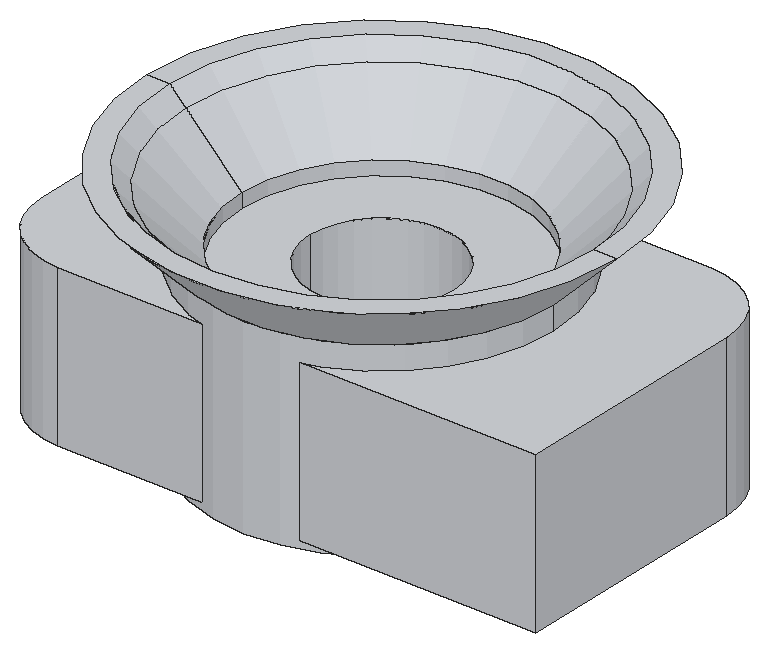
Revit family "CN8", category Generic Models, Revit 2017
Family settings
  Can host rebar = No
  Round Connector Dimension = Use Diameter
  Part Type = Normal
  Work Plane-Based = Yes
  Always vertical = No
  Cut with Voids When Loaded = No
  Shared = No
  Room Calculation Point = No
Parameters (values of type "NBS Standard Parameters")
  Weight = "0.0408Kg"
  WarrantyStartDate [instance] = "1900-12-31T23:59:59"
  WarrantyGuarantorParts = "n/a"
  WarrantyGuarantorLabor = "n/a"
  WarrantyDurationUnit = "1 year"
  WarrantyDurationParts = "n/a"
  WarrantyDurationLabor = "n/a"
  WarrantyDescription = "n/a"
  Version = "1"
  Uniclass2 = "Pr_65_70_11_19"
  TagNumber [instance] = "n/a"
  SustainabilityPerformance = "n/a"
  Size = "M8"
  Shape = "Rectangular"
  SerialNumber [instance] = "n/a"
  Revision = "n/a"
  ReplacementCost = "n/a"
  ProductInformation = "www.metpro.co.uk/pdf/cn8.pdf"
  NominalWidth = 19.5 mm
  NominalLength = 34.5 mm
  NominalHeight = 17 mm
  Name = ""
  NBSTypeID = ""
  NBSReference = "90-55-10/305"
  NBSOfficeMasterTag = ""
  NBSNote = ""
  NBSDescription = "Channel Cable Supports"
  NBSCertification = ""
  ModelReference = "CN8"
  ModelNumber = "n/a"
  Material = "Nut- Steel / Captive Assembly - Nylon 6"
  ManufacturerURL = "www.metpro.co.uk"
  ManufacturerName = "Metpro Ltd"
  Keynote = "Produced to Comply with Requirements of BS6946 Metal Channel Support  Systems"
  InstallationDate [instance] = "1900-12-31T23:59:59"
  IfcExportType = ""
  IfcExportAs = ""
  Grade = "n/a"
  Finish = "BZP -Nut Only"
  Features = "n/a"
  ExpectedLife = "n/a"
  DurationUnit = "year"
  Description = "CN8- M8 Easyfit Channel Nut C/W Nylon Captive Assembly"
  Default Elevation = 1219.2 mm
  Constituents = "n/a"
  Color = "n/a"
  CodePerformance = "n/a"
  Category = "n/a"
  BarCode [instance] = "n/a"
  BIMObjectName = "Metpro_metprolibrary_channelcablesupports_channelspringnut_easynut"
  Author = "Metpro Limited"
  AssetType = ""
  AssetIdentifier [instance] = "n/a"
  AccessibilityPerformance = "n/a"
Reference planes
  plane 1 "Center (Front/Back)": y = 0
  plane 2: z = 0
  plane 3 "Center (Left/Right)": x = 0
Forms (mm)
  Extrusion 1, solid
    sketch origin (0, 0, 0) x (1, 0, 0) y (0, 1, 0)
      loop
        line (-17.09, 9.685) -> (-17.09, -5.315)
        arc (-17.09, -5.315) -> (-15.625, -8.851) -> (-12.09, -10.315) r 5
        line (-12.09, -10.315) -> (17.91, -10.315) -> (17.91, 4.685)
        arc (17.91, 4.685) -> (16.446, 8.22) -> (12.91, 9.685) r 5
        line (12.91, 9.685) -> (-17.09, 9.685)
      loop
        circle (0, 0) r 4.5
    from 0 to 10
  Revolve 2, solid
    sketch origin (0, 0, 0) x (1, 0, 0) y (0, 0, 1)
      loop
        line (-14.75, 15.395) -> (-10.803, 11.449) -> (-10.803, -0.489) -> (-8.8, -0.489) -> (-8.8, 10.86) -> (-12.336, 14.395) -> (-13.336, 15.395) -> (-14.75, 15.395)
      axis (0, 15.395) -> (0, -0.489)
    angle from 0 to 360
Dimensions and locks
  aligned and locked: level to plane 2
